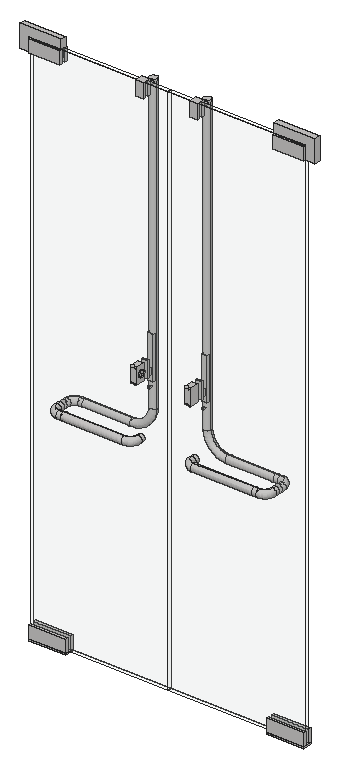
Revit family "Doors_Swing_Avanti_Systems_Pivot-Frameless-Pair-Swing-Door-Sgl-Glazed", category Doors, Revit 2026
Family settings
  Classification Number = 23.30.10.00
  Always vertical = Yes
  Cut with Voids When Loaded = No
  Shared = No
  Room Calculation Point = No
Parameters (values of type "Load Family Type Catalog")
  Youtube clip = ""
  Weight Net (Kg) = "0"
  Warranty = "1 year"  # constant formula
  Uniformat II Description = "Interior Doors"
  Uniformat II Code = "C1020"
  Uniclass 2015 Name = "Doors and windows"
  Uniclass 2015 Code = "EF_25_30"
  Uniclass 2.0 Description = ""
  Uniclass 2.0 Code = ""
  Uniclass 1.4 Description = "Doors"
  Uniclass 1.4 Code = "JL20"
  URL = "https://www.avantisystemsusa.com"
  UNSPSC Code = "30171504"
  Type = 2
  Thickness = if(Type = 1, 1/2", if(Type = 2, 3/4", if(Type = 3, 3/8", if(Type = 4, 7/16", 9/16"))))  # 3/4"
  Technical description = ""
  Sound Rating = 0
  Region South America = "All"
  Region Oceania = "All"
  Region North America = "All"
  Region Middle East = "All"
  Region Europe = "All"
  Region Asia = "All"
  Region Antarctica = "All"
  Region Africa = "All"
  Recessed Floor Closer [instance] = yes
  QR code = "http://bimobject.com/avantisystems/product/avanti-pivot-frameless-swing-door"
  Product url = "https://www.avantisystemsusa.com/glass-products/doors/pivot-doors-hinged-doors/single-glazed-frameless/"
  Product group = "Pivot Frameless Swing"
  Product family = "Pivot & Hinged Doors"
  Product data url = "https://bimobject.com/avantisystems/product/avanti-pivot-frameless-swing-door"
  Product certification = ""
  Product SKU = "avanti-pivot-frameless-swing-door"
  Product Guid = "3a11851e-372f-40ff-a97e-0ea9b5931639"
  Power = 110 V  # constant formula
  Panel Width [instance] = (Opening Width / 2) - 93/128"  # 23.65513"
  Opening Width [instance] = 48.76338"
  OmniClass Description = "Wood Doors"
  OmniClass Code = "23-17 11 15"
  Nominal width = 0"
  Nominal height = 0"
  NBS Reference Description = ""
  NBS Reference Code = ""
  Model = "Pivot Frameless Swing Door"  # constant formula
  Material secondary = "Aluminium"
  Material main = "Glass"
  Masterformat 2014 Description = "Wood Doors"
  Masterformat 2014 Code = "08 14 00"
  Manufacturer name = "Avanti Systems"
  Manufacturer country = ""
  Manufacturer = "Avanti Systems USA"  # constant formula
  Lock = "Thumb turn floor lock with a key"
  Ladder Pull Height [instance] = 18"
  LEED compatibility = "YES"
  Installation instructions = ""
  IFC Classification = "Door"
  Height [instance] = 94 3/4"
  Hardware material [instance] = Stainless Steel - Avanti- Brushed Finish
  Handle type [instance] = Handle : Panic Device
  Handle Height [instance] = Height  # 94 3/4"
  Glazing = "Safety Glazing SGCC"
  Glass Width [instance] = 48.38838"
  Glass Material = Glass - Avanti -  Clear Tempered
  Glass Marker = yes
  Glass Height [instance] = 94 3/8"
  Function = Interior
  Edition number = 1
  EAN code = ""
  Design country = "United States"
  Description = "The Pivot Frameless Glass Swing Door is our luxury glass door solution that is completely customizable and is compatible with every partition system we offer as well as solid traditional walls."  # constant formula
  Date of publishing = ""
  Clear Anodic Finish = "available"  # constant formula
  COBIe Type Category = ""
  Brand url = "http://www.avantisystemsusa.com/"
  BIMobject main category code = "doors"
  BIMobject main category = "Doors"
  BIMobject category code = "doors-swing"
  BIMobject category = "Swing"
  Analytic Construction = "<None>"
  Acoustic performance (dB) = 43  # constant formula
Reference planes (in)
  plane 1 "Center (Front/Back)": y = 0
  plane 2: z = 0
  plane 3 "Center (Left/Right)": x = 3.24894
  plane 4: x = -21.13275
  plane 5: x = 27.63063
  plane 6 "Top": z = 94.75
  plane 7 "Curtain_wall_center": y = 0
  plane 8 "Curtain_wall_exterior": y = 0.375
  plane 9 "Curtain_wall_interior": y = -0.375
  plane 10 "Handle_placement_level": x = 0.74894
  plane 11: z = 1.5625
  plane 12: x = 29.19313
  plane 13: x = -22.69525
  plane 14: x = 5.74894
  plane 15: x = 3.24894
  plane 16: z = 94.5625
  plane 17: x = 27.44313
  plane 18: x = -20.94525
  plane 19: z = 0.1875
  plane 20: x = 15.34604
  plane 21: x = -8.84815
  plane 22: z = 47.375
Forms (in)
  Extrusion 1, solid, material "Glass - Avanti -  Clear Tempered" <- "Glass Material"
    sketch origin (0, -1.125, 0) x (1, 0, 0) y (0, 1, 0)
      loop
        line (-20.94525, 1.5) -> (-20.94525, 0.75) -> (3.24894, 0.75) -> (3.24894, 1.5) -> (-20.94525, 1.5)
    from 0.1875 to 94.5625
  Extrusion 2, solid, material "Glass - Avanti -  Clear Tempered" <- "Glass Material"
    sketch origin (6.49788, -2.54297, 0) x (-1, 0, 0) y (0, -1, 0)
      loop
        line (-20.94525, -2.91797) -> (3.24894, -2.91797) -> (3.24894, -2.16797) -> (-20.94525, -2.16797) -> (-20.94525, -2.91797)
    from 0.1875 to 94.5625
Lines and regions (in)
  Masking region 1
    outline origin (3.24894, 0, 0) x (0, 1, 0) y (0, 0, 1)
      loop
        line (0.375, 94.5625) -> (-0.375, 94.5625) -> (-0.375, 0.1875) -> (0.375, 0.1875) -> (0.375, 94.5625)
  symbolic lines, style "0", not visible
    curve 1: circle (20.74894, 4.89891, 0) r 0.39445 normal (0, 0, 1)
    curve 2: line (20.43894, 4.65501, 0) -> (20.43894, 2.625, 0)
    curve 3: line (21.06195, 4.65887, 0) -> (21.06195, 2.625, 0)
    curve 4: circle (20.74894, -0.14891, 0) r 0.39445 normal (0, 0, -1)
    curve 5: line (20.43894, 0.09499, 0) -> (20.43894, 2.125, 0)
    curve 6: line (21.06195, 0.09113, 0) -> (21.06195, 2.125, 0)
  symbolic lines, style "0"
    curve 7: line (-21.13275, -0.375, 0) -> (27.63063, -0.375, 0)
    curve 8: line (27.63063, -0.375, 0) -> (27.63063, 0.375, 0)
    curve 9: line (-21.13275, 0.375, 0) -> (27.63063, 0.375, 0)
    curve 10: line (3.24894, 0.375, 94.75) -> (3.24894, -0.375, 94.75)
    curve 11: line (3.24894, -0.375, 94.75) -> (3.24894, -0.375, 96.3125)
    curve 12: line (3.24894, 0.375, 0.1875) -> (3.24894, 0.375, 94.5625)
    curve 13: line (3.24894, 0.82993, 0) -> (3.24894, 0.53416, 0)
    curve 14: line (3.24894, 0.375, 96.3125) -> (3.24894, -0.375, 96.3125)
    curve 15: line (3.24894, -0.375, 0.1875) -> (3.24894, -0.375, 94.5625)
    curve 16: line (3.24894, 0.375, 0.1875) -> (3.24894, -0.375, 0.1875)
    curve 17: line (3.24894, 0.375, 0) -> (3.24894, -0.375, 0)
    curve 18: line (-21.13275, 0.375, 0) -> (-21.13275, -0.375, 0)
  symbolic lines, visible <- "Glass Marker"
    curve 19: line (12.51761, -0.24998, 44.54657) -> (18.17446, -0.24998, 50.20343)
    curve 20: line (15.34604, -0.24998, 45.52704) -> (17.19399, -0.24998, 47.375)
    curve 21: line (13.49808, -0.24998, 47.375) -> (15.34604, -0.24998, 49.22296)
    curve 29: line (-11.67658, -0.24998, 44.54657) -> (-6.01973, -0.24998, 50.20343)
    curve 30: line (-8.84815, -0.24998, 45.52704) -> (-7.0002, -0.24998, 47.375)
    curve 31: line (-10.69611, -0.24998, 47.375) -> (-8.84815, -0.24998, 49.22296)
  symbolic lines, not visible
    curve 22: line (13.49808, 0.25002, 47.375) -> (17.19399, 0.25002, 47.375)
    curve 27: line (-1.84534, 0.25002, 22.66367) -> (1.85057, 0.25002, 22.66367)
    curve 32: line (-10.69611, 0.25002, 47.375) -> (-7.0002, 0.25002, 47.375)
    curve 37: line (-1.84534, 0.25002, 22.66367) -> (1.85057, 0.25002, 22.66367)
  model lines, not visible
    curve 23: line (15.34604, 0.25002, 45.52704) -> (15.34604, 0.25002, 49.22296)
    curve 28: line (0.00262, 0.25002, 20.81572) -> (0.00262, 0.25002, 24.51163)
    curve 33: line (-8.84815, 0.25002, 45.52704) -> (-8.84815, 0.25002, 49.22296)
    curve 38: line (0.00262, 0.25002, 20.81572) -> (0.00262, 0.25002, 24.51163)
  symbolic lines, visible <- "Glass Marker", not visible
    curve 24: line (-2.82581, -0.24998, 19.83525) -> (2.83104, -0.24998, 25.4921)
    curve 25: line (0.00262, -0.24998, 20.81572) -> (1.85057, -0.24998, 22.66367)
    curve 26: line (-1.84534, -0.24998, 22.66367) -> (0.00262, -0.24998, 24.51163)
    curve 34: line (-2.82581, -0.24998, 19.83525) -> (2.83104, -0.24998, 25.4921)
    curve 35: line (0.00262, -0.24998, 20.81572) -> (1.85057, -0.24998, 22.66367)
    curve 36: line (-1.84534, -0.24998, 22.66367) -> (0.00262, -0.24998, 24.51163)
  symbolic lines, style "DoorsHiddenLines"
    curve 39: line (3.24894, 0, 94.5625) -> (-20.94525, 0, 47.375)
    curve 40: line (-20.94525, 0, 47.375) -> (3.24894, 0, 0.1875)
    curve 41: line (-20.21716, 0, 0) -> (-20.21716, 23.65513, 0)
    curve 42: arc (-20.21716, 23.65513, 0) -> (-3.75562, 16.83654, 0) -> (3.06297, 0.375, 0) r 23.28013
    curve 43: line (26.71504, 0, 0) -> (26.71504, 23.65513, 0)
    curve 44: arc (26.71504, 23.65513, 0) -> (10.2535, 16.83654, 0) -> (3.43491, 0.375, 0) r 23.28013
    curve 45: line (3.24894, 0, 94.5625) -> (27.44313, 0, 47.375)
    curve 46: line (27.44313, 0, 47.375) -> (3.24894, 0, 0.1875)
Text (in)
  text "Exterior" at (-45.72835, 31.38743, 0), in view "Ref. Level"
Dimensions and locks (in)
  equal spacing: plane 4, plane 3 "Center (Left/Right)", plane 5
  equal spacing: plane 8 "Curtain_wall_exterior", plane 7 "Curtain_wall_center", plane 9 "Curtain_wall_interior"
  "Thickness": plane 8 "Curtain_wall_exterior" to plane 9 "Curtain_wall_interior"
  "Opening Width": plane 4 to plane 5
  curve 12 to curve 15 = 3/4"
  Extrusion 1 to Extrusion 1 = 3/4"
  plane 11 to plane 2 = 1 9/16"
  plane 2 to plane 11 = 1 9/16"
  locked: plane 5 to plane 12 at 1.5625
  locked: plane 13 to plane 4 at 1.5625
  Extrusion 2 to Extrusion 2 = 3/4"
  equal spacing: plane 4, plane 15, plane 5
  locked: plane 14 to plane 15 at 2.5
  locked: plane 15 to plane 10 "Handle_placement_level" at 2.5
  nested 2 to plane 8 "Curtain_wall_exterior" = 1/8"
  nested 1 to plane 8 "Curtain_wall_exterior" = 1/8"
  "Height": plane 2 to plane 6 "Top"
  locked: plane 17 to plane 5 at 0.1875
  locked: plane 4 to plane 18 at 0.1875
  locked: plane 16 to plane 6 "Top" at 0.1875
  locked: plane 2 to plane 19 at 0.1875
  equal spacing: plane 15, plane 20, plane 17
  equal spacing: plane 15, plane 21, plane 18
  equal spacing: plane 19, plane 22, plane 16
  "Glass Width": plane 18 to plane 17
  "Glass Height": plane 19 to plane 16
  locked: plane 18 to curve 41 at 0.72809
  "Panel Width": plane 7 "Curtain_wall_center" to curve 41
  locked: curve 42 to plane 15 at 0.18597
  locked: curve 43 to plane 17 at 0.72809
  "Panel Width": plane 7 "Curtain_wall_center" to curve 43
  locked: plane 15 to curve 44 at 0.18597
  aligned and locked: level to plane 2
  aligned and locked: curve 8 to plane 5
  aligned and locked: nested 1 to plane 5
  aligned and locked: nested 2 to plane 4
  aligned and locked: Extrusion 2 to plane 15
  aligned and locked: plane 15 to Extrusion 1
  aligned and locked: curve 17 to plane 15
  aligned and locked: plane 8 "Curtain_wall_exterior" to curve 17
  aligned and locked: plane 4 to curve 9
  aligned and locked: plane 9 "Curtain_wall_interior" to curve 18
  aligned and locked: nested 2 to plane 6 "Top"
  aligned and locked: plane 6 "Top" to nested 1
  aligned and locked: plane 9 "Curtain_wall_interior" to curve 17
  aligned and locked: nested 5 to plane 2
  aligned and locked: Extrusion 2 to plane 16
  aligned and locked: Extrusion 2 to plane 17
  aligned and locked: Extrusion 2 to plane 19
  aligned and locked: Extrusion 1 to plane 19
  aligned and locked: plane 18 to Extrusion 1
  aligned and locked: Extrusion 1 to plane 16
  aligned and locked: plane 16 to nested 3
  aligned and locked: nested 4 to plane 16
  aligned and locked: plane 16 to nested 7
  aligned and locked: plane 17 to nested 7
  aligned and locked: plane 18 to nested 8
  aligned and locked: nested 8 to plane 16
  aligned and locked: plane 17 to nested 5
  aligned and locked: plane 22 to curve 22
  aligned and locked: curve 23 to plane 20
  aligned and locked: plane 22 to curve 32
  aligned and locked: curve 33 to plane 21
  aligned and locked: curve 16 to plane 19
  aligned and locked: plane 2 to nested 6
  aligned and locked: plane 18 to nested 6  (x2)
  aligned and locked: plane 16 to curve 39
  aligned and locked: plane 19 to curve 40
  aligned and locked: plane 19 to nested 5
  aligned and locked: plane 22 to curve 40
  aligned and locked: Masking region 1 sketch curve to plane 8 "Curtain_wall_exterior"
  aligned and locked: plane 9 "Curtain_wall_interior" to Masking region 1 sketch curve
  aligned and locked: plane 16 to Masking region 1 sketch curve
  aligned and locked: plane 19 to Masking region 1 sketch curve
  aligned and locked: plane 16 to curve 12
  aligned and locked: plane 16 to curve 15
  aligned and locked: plane 7 "Curtain_wall_center" to curve 41
  aligned and locked: curve 41 to curve 42
  aligned and locked: plane 7 "Curtain_wall_center" to curve 43
  aligned and locked: curve 43 to curve 44
  aligned and locked: plane 7 "Curtain_wall_center" to nested 1
  aligned and locked: plane 15 to curve 39
  aligned and locked: plane 18 to curve 39
  aligned and locked: plane 15 to curve 46
  aligned and locked: plane 17 to curve 45
  aligned and locked: nested 3 to plane 14
  aligned and locked: plane 10 "Handle_placement_level" to nested 4
  aligned and locked: plane 17 to nested 10
  aligned and locked: plane 2 to nested 10
  aligned and locked: plane 18 to nested 9
  aligned and locked: nested 9 to plane 2
  aligned and locked: nested 11 to plane 7 "Curtain_wall_center"
  aligned and locked: nested 11 to plane 2
Automatic sketch dimensions
  curve 15 to plane 9 "Curtain_wall_interior" = 0"
  plane 6 "Top" to curve 10 = 0"
  curve 10 to plane 9 "Curtain_wall_interior" = 0"
  curve 12 to plane 8 "Curtain_wall_exterior" = 0"
  curve 13 to level = 0"
  curve 11 to plane 6 "Top" = 1 9/16"
  plane 8 "Curtain_wall_exterior" to curve 13 = 0.15916"
  curve 13 to curve 13 = 0.29578"
  curve 14 to plane 8 "Curtain_wall_exterior" = 0"
  curve 10 to plane 8 "Curtain_wall_exterior" = 0"
  Extrusion 1 sketch curve to plane 9 "Curtain_wall_interior" = 0"
  Extrusion 1 sketch curve to plane 18 = 0"
  Extrusion 1 sketch curve to plane 3 "Center (Left/Right)" = 0"
  Extrusion 1 sketch curve to plane 8 "Curtain_wall_exterior" = 0"
  Extrusion 2 sketch curve to plane 9 "Curtain_wall_interior" = 0"
  Extrusion 2 sketch curve to plane 17 = 0"
  plane 3 "Center (Left/Right)" to Extrusion 2 sketch curve = 0"
  Extrusion 2 sketch curve to plane 8 "Curtain_wall_exterior" = 0"
  curve 46 to plane 22 = 0"
Nested families (in)
  nested 1: "Pivot Door Top Free Swing Patch Fitting" at (18.12971, -0.5, 94.75) x (-1, 0, 0) z (0, 1, 0), type "Pivot Door Top Free Swing Patch Fitting"
  nested 2: "Pivot Door Top Free Swing Patch Fitting" at (-11.63183, -0.5, 94.75) x (1, 0, 0) z (0, 1, 0), type "Pivot Door Top Free Swing Patch Fitting"
  nested 3: "Handle" at (7.37394, 1.75, 37.8125) x (-1, 0, 0) z (0, 1, 0), type <- "Handle type", type "Panic Device", detail levels medium+fine
    with Locker yes, Width 23.65513", Thickness 3/4", Height 94 3/4"
  nested 4: "Handle" at (-0.87606, 1.75, 37.8125) x (1, 0, 0) z (0, 1, 0), type <- "Handle type", type "Panic Device", detail levels medium+fine
    with Locker yes, Width 23.65513", Thickness 3/4", Height 94 3/4"
  nested 5: "Pivot Door Bottom Free Swing Pivot Option" at (27.44313, 0.375, 0) x (-1, 0, 0) z (0, 1, 0), Glass Thickness Control <- "Thickness", Product Material <- "Hardware material", Recessed Floor Closer <- "Recessed Floor Closer", type "Glass Thickness 8.0 mm"
    with Recessed Floor Closer yes, Product Material Stainless Steel - Avanti- Brushed Finish, Glass Thickness Control 3/4"
  nested 6: "Pivot Door Bottom Free Swing Pivot Option" at (-20.94525, 0.375, 0) x (1, 0, 0) z (0, 1, 0), Glass Thickness Control <- "Thickness", Product Material <- "Hardware material", Recessed Floor Closer <- "Recessed Floor Closer", type "Glass Thickness 8.0 mm"
    with Recessed Floor Closer yes, Product Material Stainless Steel - Avanti- Brushed Finish, Glass Thickness Control 3/4"
  nested 7: "Pivot Door Top Free Swing Pivot" at (27.44313, 0.375, 92.24754) x (-1, 0, 0) z (0, 1, 0), Glass Thickness Control <- "Thickness", Product Material <- "Hardware material", type "Glass Thickness 8.0 mm"
    with Product Material Stainless Steel - Avanti- Brushed Finish, Glass Thickness Control 3/4"
  nested 8: "Pivot Door Top Free Swing Pivot" at (-20.94525, 0.375, 92.24754) x (1, 0, 0) z (0, 1, 0), Glass Thickness Control <- "Thickness", Product Material <- "Hardware material", type "Glass Thickness 8.0 mm"
    with Product Material Stainless Steel - Avanti- Brushed Finish, Glass Thickness Control 3/4"
  nested 9: "Recessed Floor Closer - Elevation" at (-18.87315, 0, 0.11624) x (1, 0, 0) z (0, -1, 0), visible <- "Recessed Floor Closer", type "Recessed Floor Closer - Elevation"
  nested 10: "Recessed Floor Closer - Elevation" at (25.37103, 0, 0.11624) x (-1, 0, 0) z (0, -1, 0), visible <- "Recessed Floor Closer", type "Recessed Floor Closer - Elevation"
  nested 11: "Recessed Floor Closer - Section" at (3.24894, 0, 0) x (0, 1, 0) z (1, 0, 0), visible <- "Recessed Floor Closer", type "Recessed Floor Closer - Section"
Definition of nested family "Pivot Door Top Free Swing Patch Fitting"
  Parameters (values of type "Pivot Door Top Free Swing Patch Fitting")
    Material = none
    Default Elevation = 48"
  Reference planes (in)
    plane 1 "Center (Front/Back)": y = 0
    plane 2: z = 0
    plane 3 "Center (Left/Right)": x = 0
  Forms (in)
    Extrusion 1, solid, material <- "Material"
      sketch origin (5.75014, 73, 1.91797) x (0, -1, 0) y (1, 0, 0)
        loop
          line (73, -9.56356) -> (73, -15.25106) -> (70.64844, -15.25106) -> (70.64844, -16.81356) -> (74.5625, -16.81356) -> (74.5625, -9.56356) -> (73, -9.56356)
      from -1.91797 to -0.91797
  Lines and regions (in)
    reference lines
      curve 1: line (0, 2.35156, 0.5) -> (0, -5.14844, 0.5)
  Dimensions and locks (in)
    aligned and locked: level to plane 2
Definition of nested family "Handle"
  Parameters (values of type "48" Ladder Pull")
    Width = 54.28299"
    Type = 3
    Ladder Pool Height = 18"
    Ladder 60" = if(Type = 5, 1 = 1, 1 = 0)  # no
    Ladder = if(Type = 3, 1 = 1, 1 = 0)  # yes
    Thickness = 1/2"
    Panic hardware = if(Type = 4, 1 = 1, 1 = 0)  # no
    Material = none
    Locker [instance] = yes
    Height = 90 9/16"
    Glass door = if(Type = 2, 1 = 1, 1 = 0)  # no
    Framed door = if(Type = 1, 1 = 1, 1 = 0)  # no
    Default Elevation = 48"
  Types (3): name | Width | Type | Ladder 60" | Ladder | Panic hardware
    60" Ladder Pull | 54.28299" | 5 | yes | no | no
    Panic Device | 26.41493" | 4 | no | no | yes
    48" Ladder Pull | 54.28299" | 3 | no | yes | no
  Reference planes (in)
    plane 1 "Center (Front/Back)": y = 0
    plane 2: z = 0
    plane 3 "Center (Left/Right)": x = 0
    plane 4 "door_up": z = -1.375
    plane 5 "door_down": z = -1.875
    plane 6: z = -3.25
    plane 7: x = -1.25
    plane 8: x = -43.31449
    plane 9: x = -46.03299
    plane 10: x = -43.31449
    plane 11: y = 51.9375
    plane 12: y = 0.625
    plane 13: y = 11.125
    plane 14: y = 52.5625
    plane 15: y = -38
    plane 16: x = -50.15799
    plane 17 "door": x = 4.125
    plane 18: x = 1.625
    plane 19: y = -20
  Forms (in)
    Sweep 1, solid, material <- "Material", visible <- "Panic hardware"
      path origin (0, 0, 0) x (1, 0, 0) y (0, 1, 0)
        loop
          line (-1.25, 51.9375) -> (-1.25, 4.25)
          arc (-1.25, 4.25) -> (-2.12868, 2.12868) -> (-4.25, 1.25) r 3
          line (-4.25, 1.25) -> (-43.31449, 1.25)
      profile origin (-1.25, 28.09375, 0) x (1, 0, 0) y (0, 0, 1)
        loop
          circle (0.625, 0.625) r 0.625
    Sweep 2, solid, material <- "Material", visible <- "Panic hardware"
      path origin (0, 0, 0) x (1, 0, 0) y (0, 0, 1)
        loop
          line (-43.31449, 0) -> (-44.06449, 0)
          arc (-44.06449, 0) -> (-44.57255, -0.21044) -> (-44.78299, -0.7185) r 0.7185
          line (-44.78299, -0.7185) -> (-44.78299, -1.375)
      profile origin (-43.68949, 0, 0) x (0, 0, -1) y (0, -1, 0)
        loop
          circle (-0.625, -0.625) r 0.625
    Sweep 3, solid, material <- "Material", visible <- "Panic hardware"
      path origin (0, 0, -6.75) x (1, 0, 0) y (0, 0, -1)
        loop
          line (-43.31449, -3.5) -> (-44.06449, -3.5)
          arc (-44.06449, -3.5) -> (-44.57255, -3.71044) -> (-44.78299, -4.2185) r 0.7185
          line (-44.78299, -4.2185) -> (-44.78299, -4.875)
      profile origin (-43.68949, 0, -3.25) x (0, 0, -1) y (0, -1, 0)
        loop
          circle (0.625, -0.625) r 0.625
    Sweep 4, solid, material <- "Material", visible <- "Panic hardware"
      path origin (-30, 0, -6.75) x (-1, 0, 0) y (0, 0, -1)
        loop
          line (13.31449, -3.5) -> (-28.0315, -3.5)
          arc (-28.0315, -3.5) -> (-28.53956, -3.71044) -> (-28.75, -4.2185) r 0.7185
          line (-28.75, -4.2185) -> (-28.75, -4.875)
      profile origin (-22.6415, 0, -3.25) x (0, 0, 1) y (0, -1, 0)
        loop
          circle (-0.625, -0.625) r 0.625
  Cuts and joins
    joined: Sweep 1, Sweep 2
    joined: Sweep 3, Sweep 4
  Dimensions and locks (in)
    "Thickness": plane 5 "door_down" to plane 4 "door_up"
    locked: plane 3 "Center (Left/Right)" to plane 7 at 1.25
    locked: plane 9 to plane 8 at 2.7185
    locked: plane 9 to Sweep 3 sketch curve at 1.25
    locked: Sweep 2 sketch curve to plane 9 at 1.25
    locked: plane 10 to plane 9 at 2.7185
    locked: Sweep 1 sketch curve to plane 1 "Center (Front/Back)" at 1.25
    locked: plane 3 "Center (Left/Right)" to nested 1 at 0.125
    locked: plane 4 "door_up" to plane 2 at 1.375
    locked: plane 6 to plane 5 "door_down" at 1.375
    locked: plane 12 to plane 1 "Center (Front/Back)" at 0.625
    locked: plane 13 to plane 12 at 10.5
    locked: plane 14 to plane 11 at 0.625
    "Height": plane 14 to plane 15
    locked: plane 1 "Center (Front/Back)" to plane 15 at 38
    locked: plane 3 "Center (Left/Right)" to plane 17 "door" at 4.125
    "Width": plane 16 to plane 17 "door"
    locked: plane 16 to plane 10 at 6.8435
    locked: plane 18 to plane 17 "door" at 2.5
    "Ladder Pool Height": plane 19 to plane 15
    aligned and locked: level to plane 2
    aligned and locked: plane 4 "door_up" to cut or joined group of Sweep 1, Sweep 2
    aligned and locked: Sweep 2 sketch curve to plane 4 "door_up"
    aligned and locked: Sweep 3 sketch curve to plane 5 "door_down"
    aligned and locked: plane 6 to Sweep 3 sketch curve
    aligned and locked: plane 7 to Sweep 4 sketch curve
    aligned and locked: Sweep 4 sketch curve to plane 6
    aligned and locked: plane 8 to Sweep 4 sketch curve
    aligned and locked: plane 8 to Sweep 3 sketch curve
    aligned and locked: plane 10 to Sweep 2 sketch curve
    aligned and locked: plane 10 to Sweep 1 sketch curve
    aligned and locked: plane 11 to Sweep 1 sketch curve
    aligned and locked: plane 5 "door_down" to Sweep 4 sketch curve
    aligned and locked: nested 1 to plane 4 "door_up"
    aligned and locked: plane 13 to nested 1
    aligned and locked: nested 2 to plane 4 "door_up"
    aligned and locked: plane 3 "Center (Left/Right)" to nested 2
    aligned and locked: nested 2 to plane 11
    aligned and locked: nested 2 to plane 14
    aligned and locked: plane 18 to nested 3
    aligned and locked: plane 1 "Center (Front/Back)" to nested 3
    aligned and locked: nested 4 to plane 18
    aligned and locked: nested 4 to plane 1 "Center (Front/Back)"
    aligned and locked: nested 5 to plane 4 "door_up"
    aligned and locked: nested 5 to plane 17 "door"
    aligned and locked: nested 5 to plane 1 "Center (Front/Back)"
    aligned and locked: nested 6 to plane 4 "door_up"
    aligned and locked: plane 5 "door_down" to nested 7
    aligned and locked: nested 7 to plane 19
    aligned and locked: plane 19 to nested 6
    aligned and locked: nested 6 to plane 18
    aligned and locked: nested 7 to plane 18
    aligned and locked: plane 4 "door_up" to nested 8
    aligned and locked: plane 15 to nested 8
    aligned and locked: plane 5 "door_down" to nested 9
    aligned and locked: nested 9 to plane 15
    aligned and locked: plane 18 to nested 8
    aligned and locked: plane 18 to nested 9
  Nested families (in)
    nested 1: "Family2" at (-1.125, 11.125, 0.22234), visible <- "Panic hardware", type "Family2"
      with Lock yes
    nested 2: "Family3" at (-0.26102, 51.9375, -1.63602), visible <- "Panic hardware", type "Family3"
      with Thickness 1/2"
    nested 3: "Handle Timber" at (1.625, 0, -1.875), Locker <- "Locker", visible <- "Framed door", type "Handle Timber"
      with Locker yes
    nested 4: "Handle Timber" at (1.625, 0, -1.375) x (1, 0, 0) z (0, 0, -1), Locker <- "Locker", visible <- "Framed door", type "Handle Timber"
      with Locker yes
    nested 5: "Hinged Framed Swing locker" at (3.22214, -1.5625, -5.625), Handle and assembly material <- "Material", visible <- "Glass door", type "Hinged Framed Swing locker"
      with Handle and assembly material none
    nested 6: "Handle_For-Glass_Rounded_600mm" at (1.625, 13.36577, -1.375) x (-1, 0, 0) z (0, 0, -1), Handle Material <- "Material", visible <- "Ladder", type "Handle_For-Glass_Rounded_600mm"
      with Handle Material none, Handle Height 48"
    nested 7: "Handle_For-Glass_Rounded_600mm" at (1.625, -5.36577, -1.875) x (-1, 0, 0) z (0, 0, 1), Handle Material <- "Material", visible <- "Ladder", type "Handle_For-Glass_Rounded_600mm"
      with Handle Material none, Handle Height 48"
    nested 8: "Handle_For-Glass_Rounded_60in" at (1.625, 2.47039, -1.375), visible <- "Ladder 60"", Handle Material <- "Material", type "60""
      with No locker yes, Locker no, Handle Material none, Handle Height 60"
    nested 9: "Handle_For-Glass_Rounded_60in2" at (1.625, 2.47039, -1.875), visible <- "Ladder 60"", Handle Material <- "Material", type "60""
      with No locker no, Locker yes, Handle Material none, Handle Height 60"
  Definition of nested family "Family2"
    Parameters (values of type "Family2")
      Thickness = 1/2"
      Material = none
      Lock = no
      Default Elevation = 0"
    Reference planes (in)
      plane 1 "Center (Front/Back)": y = 0
      plane 2: z = 0
      plane 3 "Center (Left/Right)": x = 0
      plane 4: z = -2.09734
      plane 5: z = -1.59734
    Forms (in)
      Extrusion 1, solid, material <- "Material"
        sketch origin (0, 0, 0) x (0, 1, 0) y (0, 0, 1)
          loop
            line (5.04078, -0.345) -> (5.04078, 0) -> (-2.39922, 0) -> (-2.39922, -0.345) -> (5.04078, -0.345)
        from 0 to 1
      Extrusion 2, solid, material <- "Material"
        sketch origin (0, 0, 0) x (0, 1, 0) y (0, 0, 1)
          loop
            line (-0.3074, -0.345) -> (-1.4374, -0.345) -> (-1.4374, -1.31734) -> (-0.3074, -1.31734) -> (-0.3074, -0.345)
        from 0.32565 to 0.66353
      Extrusion 3, solid, material <- "Material"
        sketch origin (0, 0, 0) x (0, 1, 0) y (0, 0, 1)
          loop
            line (-1.4374, -1.31734) -> (-1.4374, -1.59734) -> (1.43807, -1.59734) -> (1.43807, -1.31734) -> (-1.4374, -1.31734)
          loop
            line (1.45803, -2.09734) -> (-1.41697, -2.09734) -> (-1.41697, -3.82961)
            arc (-1.41697, -3.82961) -> (-1.36191, -3.96254) -> (-1.22897, -4.01761) r 0.188
            line (-1.22897, -4.01761) -> (1.27003, -4.01761)
            arc (1.27003, -4.01761) -> (1.40297, -3.96254) -> (1.45803, -3.82961) r 0.188
            line (1.45803, -3.82961) -> (1.45803, -2.09734)
        from 0 to 1
      Extrusion 4, solid, material <- "Material"
        sketch origin (0, 0, 0) x (0, 1, 0) y (0, 0, 1)
          loop
            arc (-3.2641, -0.65221) -> (-3.242, -0.64306) -> (-3.23285, -0.62096) r 0.03125
            line (-3.23285, -0.62096) -> (-3.23285, 0) -> (-3.4516, 0) -> (-3.4516, -0.62096)
            arc (-3.4516, -0.62096) -> (-3.44244, -0.64306) -> (-3.42035, -0.65221) r 0.03125
            line (-3.42035, -0.65221) -> (-3.2641, -0.65221)
        from 0.32565 to 0.66353
      Extrusion 5, solid, material <- "Material", visible <- "Lock"
        sketch origin (1, 0, 0) x (0, 1, 0) y (0, 0, 1)
          loop
            circle (0.20853, -3.12734) r 0.58
          loop
            circle (0.20853, -3.12734) r 0.5625
          loop
            circle (-0.07272, -3.12734) r 0.22671
        from 0 to 0.25
      Extrusion 6, solid, material <- "Material", visible <- "Lock"
        sketch origin (1, 0, 0) x (0, 1, 0) y (0, 0, 1)
          loop
            circle (0.20853, -3.12734) r 0.5625
        from 0 to 0.20472
      Extrusion 7, solid, material <- "Material", visible <- "Lock", not visible
        sketch origin (1, 0, 0) x (0, 1, 0) y (0, 0, 1)
          loop
            circle (0.20853, -3.12734) r 0.58
          loop
            circle (0.20853, -3.12734) r 0.5625
          loop
            circle (-0.07272, -3.12734) r 0.22671
        from 0 to 0.25
      Extrusion 8, solid, material <- "Material", visible <- "Lock", not visible
        sketch origin (1, 0, 0) x (0, 1, 0) y (0, 0, 1)
          loop
            circle (0.20853, -3.12734) r 0.5625
        from 0 to 0.20472
    Lines and regions (in)
      model lines, not visible
        curve 1: line (0, -0.35397, -3.12734) -> (0, 0.39603, -3.12734)
        curve 2: line (0, -0.35397, -3.12734) -> (0, 0.39603, -3.12734)
    Dimensions and locks (in)
      "Thickness": plane 4 to plane 5
      locked: plane 5 to plane 2 at 1.59734
      aligned and locked: level to plane 2
      aligned and locked: plane 5 to Extrusion 3 sketch curve
      aligned and locked: Extrusion 3 sketch curve to Extrusion 2
      aligned and locked: Extrusion 3 sketch curve to plane 4
  Definition of nested family "Family3"
    Parameters (values of type "Family3")
      Thickness = 0.50125"
      Material = none
      Default Elevation = 0"
    Reference planes (in)
      plane 1 "Center (Front/Back)": y = 0
      plane 2: z = 0
      plane 3 "Center (Left/Right)": x = 0
      plane 4: z = 0.26102
      plane 5: z = -0.24023
    Forms (in)
      Extrusion 1, solid, material <- "Material"
        sketch origin (-0.98898, 0.625, 0.26102) x (0, 0, -1) y (0, 1, 0)
          loop
            line (-0.28125, 0.125) -> (-0.28125, -2.375) -> (0, -2.375) -> (0, 0) -> (0.50125, 0) -> (0.50125, -2.37518) -> (0.78125, -2.37518) -> (0.78125, 0.125) -> (-0.28125, 0.125)
        from 0 to 1.25
      Revolve 2, solid, material <- "Material"
        sketch origin (-0.36398, 0.615, 0.26102) x (0, 0, -1) y (0, 1, 0)
          loop
            line (-0.28125, -0.615) -> (-1.5092, -0.615) -> (-1.5092, -0.995) -> (-0.28125, -0.995) -> (-0.28125, -0.615)
          axis (-1.5092, -0.995) -> (-0.28125, -0.995)
        angle from 0 to 360
    Dimensions and locks (in)
      "Thickness": plane 4 to plane 5
      locked: Extrusion 1 to plane 4 at 0.28125
      locked: plane 5 to Extrusion 1 at 0.28
      aligned and locked: level to plane 2
      aligned and locked: Extrusion 1 to plane 4
      aligned and locked: plane 5 to Extrusion 1
  Definition of nested family "Handle Timber"
    Parameters (values of type "Handle Timber")
      Locker [instance] = yes
      Handle material = none
      Default Elevation = 48"
    Reference planes (in)
      plane 1 "Center (Front/Back)": y = 0
      plane 2: z = 0
      plane 3 "Center (Left/Right)": x = 0
    Forms (in)
      Extrusion 1, solid, material <- "Handle material"
        sketch origin (0, 0.00944, 0.00975) x (-1, 0, 0) y (0, -1, 0.00026)
          loop
            line (0.82036, -6.01526) -> (0.82036, -4.11121)
            arc (0.82036, -4.11121) -> (0, -3.29085) -> (-0.82036, -4.11121) r 0.82036
            line (-0.82036, -4.11121) -> (-0.82036, -6.01526)
            arc (-0.82036, -6.01526) -> (0, -6.83563) -> (0.82036, -6.01526) r 0.82036
          loop
            line (0.82036, -0.95129) -> (0.82036, 0.95276)
            arc (0.82036, 0.95276) -> (0, 1.77313) -> (-0.82036, 0.95276) r 0.82036
            line (-0.82036, 0.95276) -> (-0.82036, -0.95129)
            arc (-0.82036, -0.95129) -> (0, -1.77165) -> (0.82036, -0.95129) r 0.82036
        from -0.36 to -0.00798
      Sweep 2, solid, material <- "Handle material"
        path origin (0, 0.00944, 0.00975) x (-1, 0, 0) y (0, 0.00026, 1)
          loop
            line (0.00372, -0.36) -> (0.00372, -2.13165)
            arc (0.00372, -2.13165) -> (0.19244, -2.58727) -> (0.64805, -2.77599) r 0.64433
            line (0.64805, -2.77599) -> (4.19136, -2.77599)
            arc (4.19136, -2.77599) -> (4.78191, -2.53137) -> (5.02652, -1.94082) r 0.83517
            line (5.02652, -1.94082) -> (5.02652, -0.63757)
        profile origin (-0.00372, 0.00911, -1.23607) x (-1, 0, 0) y (0, 1, -0.00026)
          loop
            circle (0, 0) r 0.3937
      Extrusion 3, solid, material <- "Handle material", visible <- "Locker"
        sketch origin (0, 0.00944, 0.00975) x (-1, 0, 0) y (0, -1, 0.00026)
          loop
            line (0.82009, 4.11958) -> (0.82408, 6.02363)
            arc (0.82408, 6.02363) -> (0.00543, 6.84571) -> (-0.81665, 6.02706) r 0.82036
            line (-0.81665, 6.02706) -> (-0.82063, 4.12301)
            arc (-0.82063, 4.12301) -> (-0.00199, 3.30093) -> (0.82009, 4.11958) r 0.82036
        from -0.36 to -0.01061
    Lines and regions (in)
      reference lines
        curve 1: line (0, 6.84506, 0) -> (0, -6.83627, 0)
        curve 2: line (-5.42022, 0.00893, 0) -> (0.82036, 0.00893, 0)
    Dimensions and locks (in)
      aligned and locked: level to plane 2
  Definition of nested family "Hinged Framed Swing locker"
    Parameters (values of type "Hinged Framed Swing locker")
      Thickness = 1/2"
      Lock = yes
      Handle and assembly material [instance] = none
      Default Elevation = 0"
    Reference planes (in)
      plane 1 "Center (Front/Back)": y = 0
      plane 2: z = 0
      plane 3 "Center (Left/Right)": x = 0
      plane 4: y = 0.59375
      plane 5: y = -0.59375
      plane 6: x = -1
      plane 7: x = 1
      plane 8: y = 0.25
      plane 9: y = -0.25
      plane 10: x = 1.5
      plane 11: z = 8
      plane 12: z = 4.6875
      plane 13: z = 3.6875
      plane 14: z = 3.125
      plane 15: x = 1.38539
      plane 16: z = 2.79297
      plane 17: y = 0.25
      plane 18: y = -0.25
      plane 19: x = 0.90286
      plane 20: z = 6.0625
      plane 21: y = -0.84375
      plane 22: y = -0.80275
      plane 23 "handle_center": z = 2.4375
      plane 24: x = -4.375
      plane 25: y = -1.23355
      plane 26: z = 2.69544
      plane 27: z = 2.17956
      plane 28: y = -2.05222
      plane 29: y = -2.71875
      plane 30: z = 2.69544
      plane 31: z = 2.17956
      plane 32: z = 4.25
      plane 33: z = 3.75
      plane 34: z = 4
    Forms (in)
      Extrusion 1, solid, material <- "Handle and assembly material"
        sketch origin (0, -4, 4) x (1, 0, 0) y (0, 0, -1)
          loop
            line (-1, 0.59375) -> (-1, 0.25) -> (0.90286, 0.25) -> (0.90286, -0.25) -> (-1, -0.25) -> (-1, -0.59375) -> (1, -0.59375) -> (1, 0.59375) -> (-1, 0.59375)
        from 0 to 8
      Extrusion 2, solid, material <- "Handle and assembly material", detail levels fine
        sketch origin (0, -4, 4) x (1, 0, 0) y (0, 0, -1)
          loop
            line (1, 0.25) -> (1, -0.25)
            arc (1, -0.25) -> (1.27121, -0.02121) -> (1.5, 0.25) r 2.09856
            line (1.5, 0.25) -> (1, 0.25)
        from 3.6875 to 4.6875
      Extrusion 3, solid, material <- "Handle and assembly material", detail levels fine
        sketch origin (0, -4, 4) x (1, 0, 0) y (0, 0, -1)
          loop
            line (1, 0.25) -> (1, -0.25)
            arc (1, -0.25) -> (1.0598, -0.20427) -> (1.0921, -0.13627) r 0.16012
            arc (1.0921, -0.13627) -> (1.11202, -0.10046) -> (1.14874, -0.08227) r 0.06897
            line (1.14874, -0.08227) -> (1.30312, -0.08227)
            arc (1.30312, -0.08227) -> (1.36129, -0.05818) -> (1.38539, 0) r 0.08227
            arc (1.38539, 0) -> (1.36129, 0.05818) -> (1.30312, 0.08227) r 0.08227
            line (1.30312, 0.08227) -> (1.14874, 0.08227)
            arc (1.14874, 0.08227) -> (1.11202, 0.10046) -> (1.0921, 0.13627) r 0.06897
            arc (1.0921, 0.13627) -> (1.0598, 0.20427) -> (1, 0.25) r 0.16012
        from 2.79297 to 3.125
      Extrusion 4, solid, material <- "Handle and assembly material", visible <- "Lock", detail levels medium+fine
        sketch origin (1, -4, 4.59375) x (-1, 0, 0) y (0, -1, 0)
          loop
            circle (1, -6.0625) r 0.63654
          loop
            circle (1, -6.0625) r 0.60041
        from 0 to 0.25
      Extrusion 5, solid, material <- "Handle and assembly material", visible <- "Lock", detail levels medium+fine
        sketch origin (1, -4, 4.59375) x (-1, 0, 0) y (0, -1, 0)
          loop
            circle (1, -6.0625) r 0.60041
        from 0 to 0.209
      Blend 6, solid, material <- "Handle and assembly material", visible <- "Lock", detail levels fine
        base sketch origin (1, -4, 4.80275) x (-1, 0, 0) y (0, -1, 0)
          loop
            circle (1, -5.84645) r 0.21605
        top sketch origin (1, -4, 4.80275) x (-1, 0, 0) y (0, -1, 0)
          loop
            circle (1, -5.84645) r 0.19257
        from 0 to 0.041
      Extrusion 7, solid, material <- "Handle and assembly material"
        sketch origin (1, -4, 4.59375) x (-1, 0, 0) y (0, -1, 0)
          loop
            circle (1, -2.4375) r 0.35547
        from 0 to 1.45847
      Extrusion 8, void
        sketch origin (0.04357, -4.04543, 4) x (0, 0, -1) y (-0.017452, 0.999848, 0)
          loop
            line (-1.23355, 2.79297) -> (-1.23355, 2.90667) -> (-2.86779, 2.90667) -> (-2.86779, 2.69544) -> (-1.36779, 2.69544)
            arc (-1.36779, 2.69544) -> (-1.28242, 2.71908) -> (-1.23355, 2.79297) r 0.12635
        from -3.60215 to 0.49573
      Extrusion 9, solid, material <- "Handle and assembly material"
        sketch origin (1, -4, 4.59375) x (-1, 0, 0) y (0, -1, 0)
          loop
            arc (0.71851, -2.22043) -> (0.66353, -2.32283) -> (0.64453, -2.4375) r 0.35547
            arc (0.64453, -2.4375) -> (0.66353, -2.55217) -> (0.71851, -2.65457) r 0.35547
            line (0.71851, -2.65457) -> (5.3098, -2.57443) -> (5.375, -2.50923) -> (5.375, -2.36577) -> (5.3098, -2.30057) -> (0.71851, -2.22043)
        from 1.45847 to 2.125
      Extrusion 10, void
        sketch origin (0.04357, 0.92043, 4) x (0, 0, -1) y (0.017452, 0.999848, 0)
          loop
            arc (-1.23355, -2.79297) -> (-1.28242, -2.71908) -> (-1.36779, -2.69544) r 0.12635
            line (-1.36779, -2.69544) -> (-2.86779, -2.69544) -> (-2.86779, -2.90667) -> (-1.23355, -2.90667) -> (-1.23355, -2.79297)
        from -3.60215 to 0.49573
      Extrusion 11, solid, material <- "Handle and assembly material"
        sketch origin (1, -4, 3.40625) x (0, 1, 0) y (1, 0, 0)
          loop
            circle (2.4375, -1) r 0.35547
        from 0 to 1.45847
      Extrusion 12, void
        sketch origin (0.04357, -4.04543, 4) x (0, 0, 1) y (0.017452, -0.999848, 0)
          loop
            arc (-1.23355, -2.79297) -> (-1.28242, -2.71908) -> (-1.36779, -2.69544) r 0.12635
            line (-1.36779, -2.69544) -> (-2.86779, -2.69544) -> (-2.86779, -2.90667) -> (-1.23355, -2.90667) -> (-1.23355, -2.79297)
        from -3.60215 to 0.49573
      Extrusion 13, solid, material <- "Handle and assembly material"
        sketch origin (1, -4, 3.40625) x (0, 1, 0) y (1, 0, 0)
          loop
            line (2.22043, -0.71851) -> (2.30057, -5.3098) -> (2.36577, -5.375) -> (2.50923, -5.375) -> (2.57443, -5.3098) -> (2.65457, -0.71851)
            arc (2.65457, -0.71851) -> (2.55217, -0.66353) -> (2.4375, -0.64453) r 0.35547
            arc (2.4375, -0.64453) -> (2.32283, -0.66353) -> (2.22043, -0.71851) r 0.35547
        from 1.45847 to 2.125
      Extrusion 14, void
        sketch origin (0.04357, 0.92043, 4) x (0, 0, 1) y (-0.017452, -0.999848, 0)
          loop
            line (-1.23355, 2.79297) -> (-1.23355, 2.90667) -> (-2.86779, 2.90667) -> (-2.86779, 2.69544) -> (-1.36779, 2.69544)
            arc (-1.36779, 2.69544) -> (-1.28242, 2.71908) -> (-1.23355, 2.79297) r 0.12635
        from -3.60215 to 0.49573
    Cuts and joins
      Extrusion 8, Extrusion 10, Extrusion 12, Extrusion 14 cuts Extrusion 7
      Extrusion 10, Extrusion 12, Extrusion 14 cuts Extrusion 9
      joined: Extrusion 7, Extrusion 9
      Extrusion 12, Extrusion 14 cuts Extrusion 11
      Extrusion 12 cuts Extrusion 13
      joined: Extrusion 11, Extrusion 13
    Lines and regions (in)
      reference lines
        curve 1: line (0.35547, -1.5625, 0) -> (-4.39453, -1.5625, 0)
    Dimensions and locks (in)
      plane 4 to plane 5 = 1 3/16"
      plane 6 to plane 7 = 2"
      plane 11 to plane 2 = 8"
      plane 11 to plane 12 to plane 13 to plane 14 to plane 16 = 3 5/16" locked, 1" locked, 9/16" locked, 85/256" locked
      equal spacing: plane 17, plane 1 "Center (Front/Back)", plane 18
      "Thickness": plane 17 to plane 18
      locked: plane 19 to plane 7 at 0.09714
      locked: plane 15 to plane 10 at 0.11461
      equal spacing: plane 6, plane 3 "Center (Left/Right)", plane 7
      locked: plane 11 to plane 20 at 1.9375
      locked: plane 5 to plane 21 at 0.25
      locked: plane 22 to plane 21 at 0.041
      locked: plane 11 to plane 23 "handle_center" at 5.5625
      locked: plane 24 to plane 7 at 5.375
      locked: plane 5 to plane 29 at 2.125
      "Thickness": plane 32 to plane 33
      locked: Extrusion 1 to plane 32 at 0.34375
      locked: plane 33 to Extrusion 1 at 0.34375
      aligned and locked: level to plane 2
      aligned and locked: Extrusion 1 sketch curve to plane 6  (x2)
      aligned and locked: plane 7 to Extrusion 1 sketch curve
      aligned and locked: plane 7 to Extrusion 3 sketch curve  (x2)
      aligned and locked: plane 15 to Extrusion 3 sketch curve
      aligned and locked: plane 7 to Extrusion 2 sketch curve  (x2)
      aligned and locked: plane 10 to Extrusion 2 sketch curve
      aligned and locked: plane 19 to Extrusion 1 sketch curve
      aligned and locked: Extrusion 1 to plane 32
      aligned and locked: plane 33 to Extrusion 1
    Automatic sketch dimensions
      Extrusion 1 sketch curve to plane 12 = 3/32"
      Extrusion 1 sketch curve to Extrusion 1 sketch curve = 11/32"
      plane 13 to Extrusion 1 sketch curve = 1/16"
      Extrusion 1 sketch curve to plane 13 = 9/32"
      plane 23 "handle_center" to Extrusion 2 sketch curve = 0.09981"
      Extrusion 2 sketch curve to plane 3 "Center (Left/Right)" = 0.21269"
      plane 13 to Extrusion 2 sketch curve = 1/16"
      Extrusion 3 sketch curve to Extrusion 3 sketch curve = 0"  (x2)
      plane 19 to Extrusion 3 sketch curve = 0.0325"  (x2)
      Extrusion 3 sketch curve to plane 7 = 0.14874"  (x2)
      Extrusion 3 sketch curve to Extrusion 3 sketch curve = 0.01087"  (x2)
      Extrusion 3 sketch curve to Extrusion 3 sketch curve = 0.08227"
      Extrusion 3 sketch curve to plane 12 = 7/16"
      Extrusion 3 sketch curve to Extrusion 3 sketch curve = 0.09962"
      Extrusion 3 sketch curve to Extrusion 3 sketch curve = 0.1465"
      Extrusion 3 sketch curve to Extrusion 3 sketch curve = 0.06811"  (x2)
      Extrusion 3 sketch curve to Extrusion 3 sketch curve = 0.20701"
      plane 13 to Extrusion 3 sketch curve = 1/16"
      Extrusion 4 sketch curve to Extrusion 4 sketch curve = 0"  (x2)
      Extrusion 4 sketch curve to Extrusion 1 = 1"
      Extrusion 1 to Extrusion 4 sketch curve = 1 15/16"
      Extrusion 5 sketch curve to Extrusion 1 = 1"
      Extrusion 1 to Extrusion 5 sketch curve = 1 15/16"
      Extrusion 7 sketch curve to plane 3 "Center (Left/Right)" = 0"
      plane 25 to Extrusion 7 sketch curve = 0.32895"
      plane 20 to Extrusion 8 sketch curve = 0.80529"
      plane 12 to Extrusion 8 sketch curve = 0.68029"
      Extrusion 8 sketch curve to Extrusion 8 sketch curve = 0.0111"
      Extrusion 8 sketch curve to Extrusion 8 sketch curve = 0.12313"
      Extrusion 8 sketch curve to Extrusion 8 sketch curve = 0.09753"
      Extrusion 8 sketch curve to Extrusion 8 sketch curve = 0.1137"
      Extrusion 9 sketch curve to Extrusion 9 sketch curve = 0"  (x4)
      Extrusion 9 sketch curve to Extrusion 1 = 0.71851"
      Extrusion 9 sketch curve to Extrusion 9 sketch curve = 0.28149"
      Extrusion 1 to Extrusion 9 sketch curve = 3.3098"
      Extrusion 9 sketch curve to Extrusion 9 sketch curve = 0.0652"  (x3)
      Extrusion 1 to Extrusion 9 sketch curve = 2.65457"
      Extrusion 1 to Extrusion 9 sketch curve = 2.57443"
      Extrusion 9 sketch curve to Extrusion 9 sketch curve = 0.21707"
      Extrusion 9 sketch curve to Extrusion 9 sketch curve = 0.14346"
      plane 20 to Extrusion 10 sketch curve = 0.80529"
      plane 12 to Extrusion 10 sketch curve = 0.68029"
      Extrusion 10 sketch curve to Extrusion 10 sketch curve = 0.0111"
      Extrusion 10 sketch curve to Extrusion 10 sketch curve = 0.12313"
      Extrusion 10 sketch curve to Extrusion 10 sketch curve = 0.08537"
      Extrusion 10 sketch curve to Extrusion 10 sketch curve = 0.1137"
      Extrusion 11 sketch curve to plane 3 "Center (Left/Right)" = 0"
      plane 25 to Extrusion 11 sketch curve = 0.32895"
      plane 27 to Extrusion 12 sketch curve = 1.04735"
      Extrusion 12 sketch curve to plane 26 = 0.06323"
      Extrusion 12 sketch curve to plane 26 = 0.05213"
      Extrusion 12 sketch curve to plane 16 = 0.02652"
      Extrusion 12 sketch curve to Extrusion 12 sketch curve = 0.08537"
      Extrusion 12 sketch curve to Extrusion 12 sketch curve = 0.1137"
      Extrusion 13 sketch curve to Extrusion 13 sketch curve = 0"  (x2)
      Extrusion 13 sketch curve to plane 24 = 0"
      Extrusion 13 sketch curve to plane 3 "Center (Left/Right)" = 0"
      plane 28 to Extrusion 13 sketch curve = 0.27265"
      Extrusion 13 sketch curve to plane 24 = 0.0652"  (x2)
      plane 28 to Extrusion 13 sketch curve = 0.35279"
      Extrusion 13 sketch curve to Extrusion 13 sketch curve = 0.0652"  (x2)
      plane 25 to Extrusion 13 sketch curve = 0.32895"
      Extrusion 13 sketch curve to Extrusion 13 sketch curve = 0.14346"
      plane 25 to Extrusion 13 sketch curve = 0.11187"
      plane 3 "Center (Left/Right)" to Extrusion 13 sketch curve = 0.28149"
      plane 27 to Extrusion 14 sketch curve = 1.04735"
      Extrusion 14 sketch curve to plane 26 = 0.06323"
      Extrusion 14 sketch curve to plane 26 = 0.05213"
      Extrusion 14 sketch curve to plane 16 = 0.02652"
      Extrusion 14 sketch curve to Extrusion 14 sketch curve = 0.09753"
      Extrusion 14 sketch curve to Extrusion 14 sketch curve = 0.1137"
      plane 24 to curve 1 = 5/256"
      plane 25 to curve 1 = 0.32895"
      plane 3 "Center (Left/Right)" to curve 1 = 91/256"
      radius of Extrusion 4 sketch curve = 0.63654"
      radius of Extrusion 4 sketch curve = 0.60041"
      radius of Extrusion 5 sketch curve = 0.60041"
      radius of Blend 6 sketch curve = 0.21605"
      radius of Blend 6 sketch curve = 0.19257"
      radius of Extrusion 7 sketch curve = 91/256"
      radius of Extrusion 11 sketch curve = 91/256"
  Definition of nested family "Handle_For-Glass_Rounded_600mm"
    Parameters (values of type "Handle_For-Glass_Rounded_600mm")
      Handle Material [instance] = none
      Handle Height [instance] = 48"  # constant formula
      Default Elevation = 48"
    Reference planes (in)
      plane 1 "Center (Front/Back)": y = 0
      plane 2: z = 26.93599
      plane 3 "Center (Left/Right)": x = 0
      plane 4: z = 0
      plane 5: z = -2.66749
      plane 6: y = -28.44876
      plane 7: y = 14.63423
      plane 8: y = -33.36577
    Forms (in)
      Sweep 1, solid, material <- "Handle Material"
        path origin (0, -17.24158, 0) x (0, 0, 1) y (0, -1, 0)
          loop
            line (-2.10925, 11.20718) -> (0, 11.20718)
        profile origin (0, -28.44876, 0) x (0, -1, 0) y (1, 0, 0)
          loop
            circle (0, 0) r 0.3125
      Sweep 2, solid, material <- "Handle Material"
        path origin (0, 10.76459, 0) x (0, 0, 1) y (0, -1, 0)
          loop
            line (-2.30394, 1.07019) -> (0, 1.07019)
        profile origin (0, 9.69441, 0) x (0, -1, 0) y (1, 0, 0)
          loop
            circle (0, 0) r 0.3125
      Extrusion 3, solid, material <- "Handle Material"
        sketch origin (0, -17.24158, 0) x (1, 0, 0) y (0, 0, -1)
          loop
            circle (0, 2.27257) r 0.39445
        from -16.12419 to 31.87581
    Dimensions and locks (in)
      locked: plane 8 to plane 6 at 4.91701
      "Handle Height": plane 7 to plane 8
      aligned and locked: plane 7 to Extrusion 3
      aligned and locked: Extrusion 3 to plane 8
  Definition of nested family "Handle_For-Glass_Rounded_60in"
    Parameters (values of type "60"")
      No locker [instance] = yes
      Locker [instance] = yes
      Handle Material [instance] = none
      Handle Height [instance] = 60"  # constant formula
      Default Elevation = 0"
    Reference planes (in)
      plane 1 "Center (Front/Back)": y = 0
      plane 2: z = 19.87581
      plane 3 "Center (Left/Right)": x = 0
      plane 4: z = 2.66749
      plane 5: y = -36.97039
      plane 6: z = 0
      plane 7: y = 20.02961
      plane 8: y = -39.97039
    Forms (in)
      Sweep 1, solid, material <- "Handle Material"
        path origin (0, -11.8462, 0) x (0, 0, -1) y (0, 1, 0)
          loop
            line (-2.10925, -25.12419) -> (0, -25.12419)
        profile origin (0, -36.97039, 0) x (1, 0, 0) y (0, 1, 0)
          loop
            circle (0, 0) r 0.3125
      Sweep 2, solid, material <- "Handle Material"
        path origin (0, 16.15997, 0) x (0, 0, -1) y (0, 1, 0)
          loop
            line (-3.10757, -8.13036) -> (0, -8.13036)
        profile origin (0, 8.02961, 0) x (1, 0, 0) y (0, 1, 0)
          loop
            circle (0, 0) r 0.4375
      Extrusion 3, solid, material <- "Handle Material"
        sketch origin (0, -11.8462, 0) x (1, 0, 0) y (0, 0, -1)
          loop
            circle (0, -2.27257) r 0.39445
        from -28.12419 to 31.87581
      Revolve 4, solid, material <- "Handle Material"
        sketch origin (0, -11.8462, 0) x (0, 0, -1) y (0, 1, 0)
          loop
            line (-3.10757, 20.0489) -> (-3.19084, 20.0489) -> (-3.19084, 19.87581) -> (-3.10757, 19.87581) -> (-3.10757, 20.0489)
          axis (-3.10757, 19.87581) -> (-3.19084, 19.87581)
        angle from 0 to 360
      Extrusion 5, solid, material <- "Handle Material", visible <- "Locker"
        sketch origin (0, -11.8462, 0) x (0, 0, -1) y (0, 1, 0)
          loop
            line (-3.19084, 19.98905) -> (-3.34908, 19.98905)
            arc (-3.34908, 19.98905) -> (-3.37904, 19.97664) -> (-3.39145, 19.94668) r 0.04237
            line (-3.39145, 19.94668) -> (-3.39145, 19.80495)
            arc (-3.39145, 19.80495) -> (-3.37904, 19.77499) -> (-3.34908, 19.76258) r 0.04237
            line (-3.34908, 19.76258) -> (-3.19084, 19.76258) -> (-3.19084, 19.98905)
        from -0.03592 to 0.03621
      Revolve 6, solid, material <- "Handle Material", visible <- "No locker"
        sketch origin (0, -11.62359, 0) x (0, 0, -1) y (0, 1, 0)
          loop
            line (-3.10757, 20.0489) -> (-3.20833, 20.0489) -> (-3.20833, 19.87581) -> (-3.10757, 19.87581) -> (-3.10757, 20.0489)
          axis (-3.10757, 19.87581) -> (-3.20833, 19.87581)
        angle from 0 to 360
      Revolve 7, solid, material <- "Handle Material", visible <- "Locker"
        sketch origin (0, -11.8462, 0) x (0, 0, -1) y (0, 1, 0)
          loop
            line (-2.27257, -28.12419) -> (-2.50833, -28.12419) -> (-2.50833, -29.32199) -> (-2.41048, -29.49919) -> (-2.27257, -29.49919) -> (-2.27257, -28.12419)
          axis (-2.27257, -28.12419) -> (-2.27257, -29.49919)
        angle from 0 to 360
    Lines and regions (in)
      reference lines
        curve 1: line (0, -40.47039, 2.66749) -> (0, -40.47039, 0)
    Dimensions and locks (in)
      locked: plane 8 to plane 5 at 3
      "Handle Height": plane 7 to plane 8
      aligned and locked: Extrusion 3 to plane 7
      aligned and locked: Extrusion 3 to plane 8
      aligned and locked: Sweep 1 sketch curve to plane 5
  Definition of nested family "Handle_For-Glass_Rounded_60in2"
    Parameters (values of type "60"")
      No locker [instance] = yes
      Locker [instance] = yes
      Handle Material [instance] = none
      Handle Height [instance] = 60"  # constant formula
      Default Elevation = 0"
    Reference planes (in)
      plane 1 "Center (Front/Back)": y = 0
      plane 2: z = 19.87581
      plane 3 "Center (Left/Right)": x = 0
      plane 4: y = -36.97039
      plane 5: z = 0
      plane 6: y = 20.02961
      plane 7: y = -39.97039
      plane 8: z = -2.66749
    Forms (in)
      Sweep 1, solid, material <- "Handle Material"
        path origin (0, -11.8462, 0) x (0, 0, 1) y (0, 1, 0)
          loop
            line (-2.10925, -25.12419) -> (0, -25.12419)
        profile origin (0, -36.97039, 0) x (0, -1, 0) y (1, 0, 0)
          loop
            circle (0, 0) r 0.3125
      Sweep 2, solid, material <- "Handle Material"
        path origin (0, 16.15997, 0) x (0, 0, 1) y (0, 1, 0)
          loop
            line (-3.10757, -8.13036) -> (0, -8.13036)
        profile origin (0, 8.02961, 0) x (0, -1, 0) y (1, 0, 0)
          loop
            circle (0, 0) r 0.4375
      Extrusion 3, solid, material <- "Handle Material"
        sketch origin (0, -11.8462, 0) x (1, 0, 0) y (0, 0, -1)
          loop
            circle (0, 2.27257) r 0.39445
        from -28.12419 to 31.87581
      Revolve 4, solid, material <- "Handle Material"
        sketch origin (0, -11.8462, 0) x (0, 0, 1) y (0, 1, 0)
          loop
            line (-3.10757, 20.0489) -> (-3.19084, 20.0489) -> (-3.19084, 19.87581) -> (-3.10757, 19.87581) -> (-3.10757, 20.0489)
          axis (-3.10757, 19.87581) -> (-3.19084, 19.87581)
        angle from 0 to 360
      Extrusion 5, solid, material <- "Handle Material", visible <- "Locker"
        sketch origin (0, -11.8462, 0) x (0, 0, 1) y (0, -1, 0)
          loop
            line (-3.19084, -19.98905) -> (-3.19084, -19.76258) -> (-3.34908, -19.76258)
            arc (-3.34908, -19.76258) -> (-3.37904, -19.77499) -> (-3.39145, -19.80495) r 0.04237
            line (-3.39145, -19.80495) -> (-3.39145, -19.94668)
            arc (-3.39145, -19.94668) -> (-3.37904, -19.97664) -> (-3.34908, -19.98905) r 0.04237
            line (-3.34908, -19.98905) -> (-3.19084, -19.98905)
        from -0.03592 to 0.03621
      Revolve 6, solid, material <- "Handle Material", visible <- "No locker"
        sketch origin (0, -11.62359, 0) x (0, 0, 1) y (0, 1, 0)
          loop
            line (-3.10757, 20.0489) -> (-3.20833, 20.0489) -> (-3.20833, 19.87581) -> (-3.10757, 19.87581) -> (-3.10757, 20.0489)
          axis (-3.10757, 19.87581) -> (-3.20833, 19.87581)
        angle from 0 to 360
      Revolve 7, solid, material <- "Handle Material", visible <- "Locker"
        sketch origin (0, -11.8462, 0) x (0, 0, 1) y (0, 1, 0)
          loop
            line (-2.27257, -28.12419) -> (-2.50833, -28.12419) -> (-2.50833, -29.32199) -> (-2.41048, -29.49919) -> (-2.27257, -29.49919) -> (-2.27257, -28.12419)
          axis (-2.27257, -28.12419) -> (-2.27257, -29.49919)
        angle from 0 to 360
    Lines and regions (in)
      reference lines
        curve 1: line (0, -40.47039, -2.66749) -> (0, -40.47039, 0)
    Dimensions and locks (in)
      locked: plane 7 to plane 4 at 3
      "Handle Height": plane 6 to plane 7
Definition of nested family "Pivot Door Bottom Free Swing Pivot Option"
  Parameters (values of type "Glass Thickness 8.0 mm")
    Youtube clip = "https://www.youtube.com/watch?time_continue=4&v=5oOBSi0owgs"
    Weight Net (Kg) = "1.35"
    Uniformat II Description = ""
    Uniformat II Code = ""
    Uniclass 2015 Name = ""
    Uniclass 2015 Code = ""
    Uniclass 2.0 Description = ""
    Uniclass 2.0 Code = ""
    Uniclass 1.4 Description = ""
    Uniclass 1.4 Code = ""
    URL = "http://www.colcomgroup.it"
    UNSPSC Code = ""
    Technical description = "http://www.minusco.com/images/pdf/schede-tecniche/05_PORTE_ESTERNE.pdf"
    Region South America = "All"
    Region Oceania = "All"
    Region North America = "All"
    Region Middle East = "All"
    Region Europe = "All"
    Region Asia = "All"
    Region Antarctica = "All"
    Region Africa = "All"
    Recessed Floor Closer [instance] = yes
    QR code = "http://bimobject.com/colcom/product/Hydraulic-Hinge-Unica-101E10"
    Product url = "http://www.minusco.com/images/pdf/schede-tecniche/05_PORTE_ESTERNE.pdf"
    Product group = "Hydraulic hinge"
    Product family = "Glass Hardware"
    Product data url = "https://bimobject.com/colcom/product/Hydraulic-Hinge-Unica-101E10"
    Product certification = "http://www.minusco.com/images/pdf/UNICA-tuv-certificate.pdf"
    Product SKU = "Hydraulic-Hinge-Unica-101E10"
    Product Material [instance] = none
    Product Instructions = "Outer doors. Glass thickness from 8mm to 13,52mm .Maximum door width 1000mm. Maximum door weight 100 Kg. Working temperature range -10°C to +50° C . Automatic closing from +80° -80°."  # constant formula
    Product Guid = "450c44ee-bdbd-483b-a3fa-21a73341f42f"
    OmniClass Description = ""
    OmniClass Code = ""
    Nominal width = 6.5748"
    Nominal height = 2.71654"
    NBS Reference Description = ""
    NBS Reference Code = ""
    Model = "Hydraulic Hinge Unica 101E10"
    Material secondary = "Steel"
    Material main = "Aluminium"
    Masterformat 2014 Description = ""
    Masterformat 2014 Code = ""
    Manufacturer name = "Colcom"
    Manufacturer country = "Italy"
    Manufacturer = "Colcom"
    Keynote = "08700"
    Installation instructions = "http://www.minusco.com/istruzioni/XC-IM-101E10.pdf"
    IFC Classification = ""
    Glass Thickness Control [instance] = 0.31496"
    Glass Thickness = 0.31496"
    Edition number = 1
    EAN code = ""
    Design country = "Italy"
    Description = "Hydraulic hinge including brake, closing speed & final latch adjustments. Control of the door alignment.\r\nCan be combined with all patch fittings of the Maxima series. Useful also\r\nfor pivoting applications. Stop at 0° +90° -90°. Tested according to EN 1154:2006 . Certification Mark TÜV ."
    Default Elevation = 0"
    Date of publishing = ""
    COBIe Type Category = ""
    Brand url = ""
    BIMobject main category code = ""
    BIMobject main category = ""
    BIMobject category code = ""
    BIMobject category = ""
    Assembly Code = "C1020410"
  Reference planes (in)
    plane 1 "Center (Front/Back)": y = 0
    plane 2: z = 0
    plane 3 "Center (Left/Right)": x = 0
    plane 4: y = 2.31496
    plane 5: y = -0.41339
    plane 6: y = 0.1875
    plane 7: x = 6.55512
    plane 8: z = 0.45276
    plane 9: z = -0.31496
    plane 10: z = -0.76772
    plane 11: z = -0.15748
    plane 12: z = 0.6122
    plane 13: z = -0.92717
    plane 14: x = 4.24005
    plane 15: x = 0.20769
    plane 16: x = 6.15157
    plane 17: y = 1.73622
    plane 18: y = 2.01182
    plane 19: x = 5.44291
    plane 20: x = 2.22678
    plane 21: z = 0.46594
    plane 22: z = -0.7809
    plane 23: x = 1.60336
    plane 24: x = 2.85019
    plane 25: y = -1.59449
    plane 26: x = 0.72835
    plane 27: x = 3.72521
    plane 28: y = -0.80709
    plane 29: y = 1.98032
    plane 30: y = 0.60237
    plane 31: z = 0.25001
    plane 32: z = -0.56497
    plane 33: x = 6.59449
    plane 34: x = -0.03937
  Forms (in)
    Extrusion 1, solid
      sketch origin (0, 0, 0) x (1, 0, 0) y (0, 1, 0)
        loop
          line (-48, 48) -> (-48, -48) -> (48, -48) -> (48, 48) -> (-48, 48)
      from 0 to -12
    Extrusion 2, solid, material <- "Product Material"
      sketch origin (3.06299, -180, -0.5315) x (-1, 0, 0) y (0, -1, 0)
        loop
          line (-3.49213, -182.31496) -> (3.06299, -182.31496) -> (3.06299, -180.1875) -> (-3.49213, -180.1875) -> (-3.49213, -182.31496)
      from -0.23622 to 0.21654
    Extrusion 3, solid, material <- "Product Material"
      sketch origin (3.06299, -180, -0.5315) x (-1, 0, 0) y (0, -1, 0)
        loop
          line (-3.49213, -182.31496) -> (3.06299, -182.31496) -> (3.06299, -180.1875) -> (-3.49213, -180.1875) -> (-3.49213, -182.31496)
      from -0.23622 to 0.21654
    Extrusion 4, solid, material <- "Product Material"
      sketch origin (3.06299, -180, -0.5315) x (-1, 0, 0) y (0, -1, 0)
        loop
          line (3.06299, -182.31496) -> (3.06299, -180.1875) -> (-3.49213, -180.1875) -> (-3.49213, -182.31496) -> (3.06299, -182.31496)
      from 0.5315 to 0.98425
    Extrusion 5, solid, material <- "Product Material", detail levels fine
      sketch origin (2.51156, -1.55511, 48) x (-1, 0, 0) y (0, 0, -1)
        loop
          circle (1.78346, 48.15748) r 0.19685
      from -1.74261 to -1.55511
